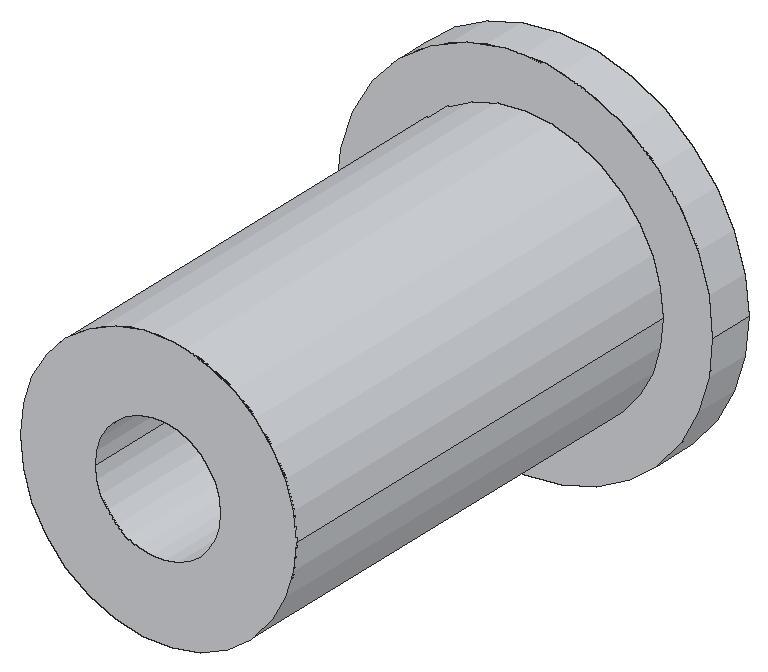
Revit family "AX8204_0015", category Appareils sanitaires, Revit 2016
Family settings
  Hôte = Mur
  Type d'élément = Normal
  Cote de connecteur circulaire = Utiliser le diamètre
  Numéro OmniClass = 23.75.00.00
  Titre OmniClass = Climate Control (HVAC)
  Toujours verticalement = Oui
  Couper avec des vides une fois chargée = Non
  Partagée = Non
  Point de calcul de pièce = Non
Parameters (values of type "Type 1")
  URL = "https://www.axeuro.com/en/concealed-mounting/15266-hook-ax8204.html"
  Type de produit / Type of product = "Patère / Hook"  # constant formula
  Référence / Reference = "AX8204, AX8204P, AX8204W, AX8204-BRASS, AX8204-BRASS-P, AX8204-MBK"  # constant formula
  Model = ""
  Manufacturer = ""
  Entreprise / Company = "Axeuro"  # constant formula
  Description = ""
Reference planes
  plane 1 "Mur": y = 0
  plane 2 "Centre (gauche/droite)": x = 0
  plane 3 "Arrière": y = 75
Forms (mm)
  Extrusion 1, solid
    sketch origin (0, 71.5, 0) x (1, 0, 0) y (0, 0, 1)
      loop
        circle (0, 818.725) r 15
    from -43.5 to -40
  Extrusion 2, solid
    sketch origin (0, 75, 0) x (1, 0, 0) y (0, 0, 1)
      loop
        circle (0, 818.725) r 11
    from -36.5 to 0
  Extrusion 3, void
    sketch origin (0, 0, 0) x (1, 0, 0) y (0, 0, 1)
      loop
        circle (0, 818.725) r 5
    from -98.038 to -75
  Extrusion 4, void
    sketch origin (-60.744, 146.568, 0) x (-0.706831, -0.707382, 0) y (0.707382, -0.706831, 0)
      loop
        line (0.386, 87.312) -> (-1.055, 86.926) -> (-1.441, 85.485) -> (-0.386, 84.431) -> (1.055, 84.817) -> (1.441, 86.257) -> (0.386, 87.312)
    from 807.704 to 808.907
  Extrusion 5, solid
    sketch origin (0, 0, 0) x (1, 0, 0) y (0, 1, 0)
      loop
        circle (0, 85.871) r 2.35
    from 807.704 to 808.907
Cuts and joins
  Extrusion 3 cuts Extrusion 2
  Extrusion 4 cuts Extrusion 5
Lines and regions (mm)
  reference lines
    curve 1: line (0, 111.5, 833.725) -> (0, 115, 833.725)
    curve 2: line (0, 111.5, 803.725) -> (0, 115, 803.725)
Text (mm)
  text "Côté de la mise en place" at (-1820.995, 1116.779, 0), in view "Niveau de réf."
  text "Côté de la mise en place" at (0, 1334.055, 2976.191), in view "Gauche"
  text "Côté de la mise en place" at (0, 439.194, 2944.362), in view "Droite"
Dimensions and locks
  locked: plane 3 "Arrière" to host wall
  radius of Extrusion 1 sketch curve = 15 mm
  aligned and locked: plane 1 "Mur" to host wall
